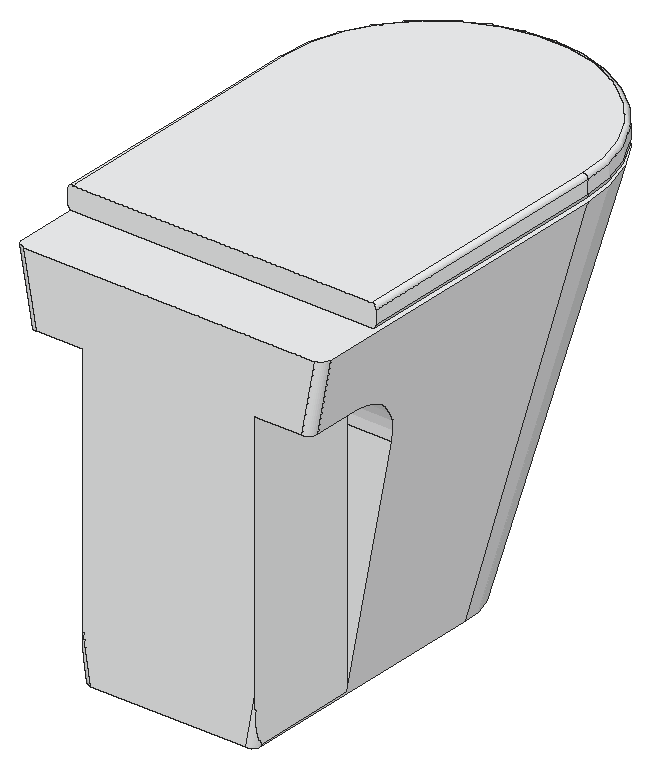
Revit family "Vaso", category Plumbing Fixtures, Revit 2025
Family settings
  Round Connector Dimension = Use Diameter
  Part Type = Normal
  OmniClass Number = 23.45.00.00
  OmniClass Title = Sanitary, Laundry, and Cleaning Equipment
  Work Plane-Based = Yes
  Enable Cutting in Views = No
  Always vertical = Yes
  Cut with Voids When Loaded = No
  Maintain Annotation Orientation = No
  Shared = No
  Room Calculation Point = No
Parameters
  Material Toilet = Fiocruz_Louças
  Default Elevation = 1219.2 mm
  Assembly Code = ""
Reference planes
  plane 1 "Center (Front/Back)": y = 0
  plane 2: z = 0
  plane 3 "Center (Left/Right)": x = 0
Forms (mm)
  Blend 1, solid, material "Fiocruz_Louças" <- "Material Toilet"
    base sketch origin (0, 0, 0) x (1, 0, 0) y (0, 1, 0)
      loop
        line (-87.962, 0) -> (87.663, 0)
        arc (87.663, 0) -> (94.735, 2.929) -> (97.663, 10) r 10
        line (97.663, 10) -> (97.663, 300)
        arc (97.663, 300) -> (-0.149, 397.812) -> (-97.962, 300) r 97.813
        line (-97.962, 300) -> (-97.962, 10)
        arc (-97.962, 10) -> (-95.033, 2.929) -> (-87.962, 0) r 10
    top sketch origin (0, 0, 0) x (1, 0, 0) y (0, 1, 0)
      loop
        line (-164.127, 0) -> (165.873, 0)
        arc (165.873, 0) -> (172.944, 2.929) -> (175.873, 10) r 10
        line (175.873, 10) -> (175.873, 375)
        arc (175.873, 375) -> (0.873, 550) -> (-174.127, 375) r 175
        line (-174.127, 375) -> (-174.127, 10)
        arc (-174.127, 10) -> (-171.198, 2.929) -> (-164.127, 0) r 10
    from 0 to 420
  Extrusion 2, void
    sketch origin (0, -760.523, -2.33) x (0, 1, 0) y (0, 0, 1)
      loop
        line (891.595, 2.33) -> (891.595, 277.33)
        arc (891.595, 277.33) -> (872.557, 323.292) -> (826.595, 342.33) r 65
        line (826.595, 342.33) -> (760.523, 342.33) -> (760.523, 2.33) -> (891.595, 2.33)
    from 98.025 to 167.817
  Extrusion 3, void
    sketch origin (-195.986, -760.523, -2.33) x (0, 1, 0) y (0, 0, 1)
      loop
        line (891.595, 2.33) -> (891.595, 277.33)
        arc (891.595, 277.33) -> (872.557, 323.292) -> (826.595, 342.33) r 65
        line (826.595, 342.33) -> (760.523, 342.33) -> (760.523, 2.33) -> (891.595, 2.33)
    from 32.323 to 98.025
  Extrusion 4, solid, material "Fiocruz_Louças" <- "Material Toilet"
    sketch origin (0, 0, -127) x (1, 0, 0) y (0, 1, 0)
      loop
        line (-159.796, 75) -> (161.543, 75) -> (161.543, 375)
        arc (161.543, 375) -> (0.873, 535.669) -> (-159.796, 375) r 160.669
        line (-159.796, 375) -> (-159.796, 75)
    from 550 to 575.5
  Sweep 5, solid, material "Fiocruz_Louças" <- "Material Toilet"
    path origin (0, 0, 0) x (1, 0, 0) y (0, 1, 0)
      loop
        line (175.873, 75) -> (175.873, 375)
        arc (175.873, 375) -> (0.873, 550) -> (-174.127, 375) r 175
        line (-174.127, 375) -> (-174.127, 75)
    profile origin (-174.127, 225, 0) x (1, 0, 0) y (0, 0, 1)
      loop
        line (20.672, 448.5) -> (5, 448.5)
        arc (5, 448.5) -> (1.464, 447.036) -> (0, 443.5) r 5
        line (0, 443.5) -> (0, 428)
        arc (0, 428) -> (1.464, 424.464) -> (5, 423) r 5
        line (5, 423) -> (20.672, 423) -> (20.672, 448.5)
Cuts and joins
  Extrusion 2, Extrusion 3 cuts Blend 1
  joined: Extrusion 4, Sweep 5
Dimensions and locks
  aligned and locked: level to plane 2
